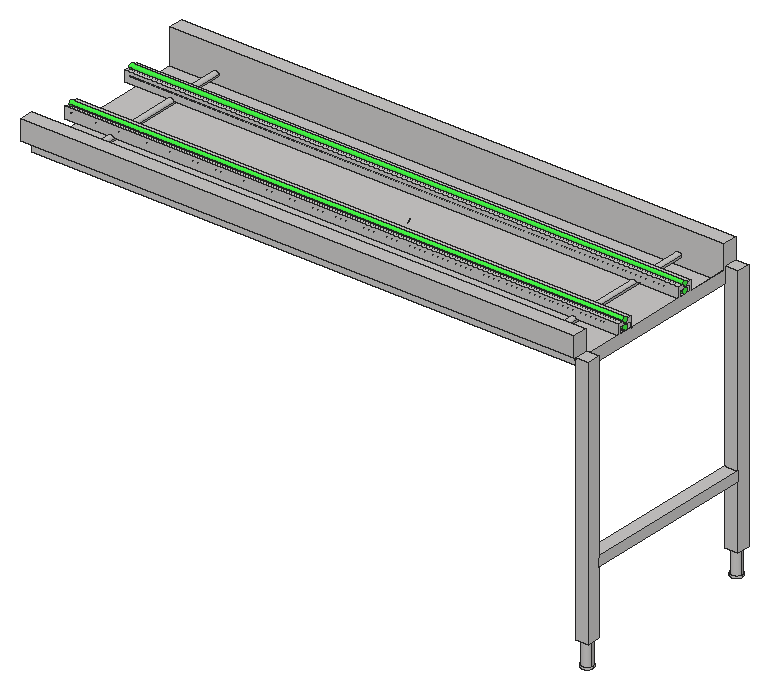
Revit family "QF_ELECTROLUXPROFESSIONAL_863155_HSBCC17", category Specialty Equipment, Revit 2018
Family settings
  Round Connector Dimension = Use Diameter
  Part Type = Normal
  Work Plane-Based = No
  Always vertical = Yes
  Cut with Voids When Loaded = No
  Shared = No
  Room Calculation Point = No
Parameters
  Weight = 0.00 kg
  Watts = 0 W
  Volts = 0 V
  URL Manufacturer = "http://professional.electrolux.com"
  URL = "http://professional.electrolux.com"
  Steam Supply Size = 0 mm
  Steam Supply Minimum Pressure = 0.0 Pa
  Steam Supply Maximum Pressure = 0.0 Pa
  Steam Pounds per Hour = 0
  Refrigeration Suction Line Size = 0 mm
  Refrigeration Liquid Line Size = 0 mm
  Refrigerant Compressor Remote = yes
  Manufacturer = "Electrolux"
  Phase = 0
  Model = "HSBCC17"
  Length Actual = 1700 mm  # constant formula
  Item Number = "863155"
  Hot Water Size = 0 mm
  Height Actual = 910 mm  # constant formula
  HP = "0 HP"
  Gas Size = 0 mm
  Gas KW = 0
  Gas Input Pressure = 0 W
  Description = "CORD CONVEYOR FOR BASKETS, L=1700 MM"
  Depth Actual = 620 mm  # constant formula
  Cycle = 0 Hz
  Condensate Return Size = 0 mm
  Compressed Air Volume = 0.0 L/s
  Compressed Air Size = 0 mm
  Compressed Air Pressure = 0.0 Pa
  Cold Water Size = 0 mm
  Accessory = yes
Reference planes
  plane 1 "Centro (Fronte/Retro)": y = 74.737
  plane 2: z = 0
  plane 3 "LEFT": x = -2138.761
  plane 4 "BACK": y = 384.737
  plane 5 "FRONT": y = -235.263
  plane 6: z = 910
  plane 7 "RIGHT": x = -438.761
  plane 8: x = -1288.761
Forms (mm)
  Extrusion 1, solid, material "QF_Finishes_Stainless Steel"
    sketch origin (11.239, 0, 0) x (0, 1, 0) y (0, 0, 1)
      loop
        line (-235.263, 910) -> (-235.263, 850.033) -> (-190.242, 850.033) -> (-190.242, 910) -> (-235.263, 910)
      loop
        line (384.737, 910) -> (339.716, 910) -> (339.716, 850.033) -> (384.737, 850.033) -> (384.737, 910)
    from -2150 to -451.2
  Extrusion 2, solid, material "QF_Finishes_Stainless Steel"
    sketch origin (11.239, 0, 0) x (0, 1, 0) y (0, 0, 1)
      loop
        line (-191.727, 850.033) -> (-191.727, 800.081) -> (341.245, 800.081) -> (341.245, 850.033) -> (339.716, 850.033) -> (339.716, 803.081) -> (-190.242, 803.081) -> (-190.242, 850.033) -> (-191.727, 850.033)
    from -2150 to -451.2
  Extrusion 3, solid, material "QF_Finishes_Stainless Steel"
    sketch origin (1061.239, 723.253, 4000) x (0, 1, 0) y (0, 0, 1)
      loop
        line (-958.516, -3090) -> (-958.516, -3149.967) -> (-934.752, -3185.632) -> (-915.4, -3185.632) -> (-915.4, -3199.919) -> (-381.633, -3199.919) -> (-381.633, -3185.632) -> (-362.281, -3185.632) -> (-338.516, -3149.967) -> (-338.516, -3090) -> (-383.538, -3090) -> (-383.538, -3161.926) -> (-913.495, -3161.926) -> (-913.495, -3090) -> (-958.516, -3090)
    from -1500 to -1501.2
  Extrusion 4, solid, material "QF_Finishes_Stainless Steel"
    sketch origin (-1477.522, 74.737, 0) x (-1, 0, 0) y (0, 0, -1)
      loop
        line (-1079.929, -300) -> (-1039.929, -300) -> (-1039.929, -270) -> (-1079.929, -270) -> (-1079.929, -300)
    from -266.504 to 266.46
  Revolve 5, solid, material "QF_Finishes_Stainless Steel"
    sketch origin (0, 74.737, 0) x (1, 0, 0) y (0, 0, 1)
      loop
        line (-1365.255, 800.081) -> (-1365.255, 786.333)
        arc (-1365.255, 786.333) -> (-1364.651, 784.73) -> (-1363.151, 783.903) r 2.474
        arc (-1363.151, 783.903) -> (-1359.843, 780.044) -> (-1363.138, 776.173) r 3.913
        arc (-1363.138, 776.173) -> (-1364.648, 775.341) -> (-1365.255, 773.728) r 2.49
        line (-1365.255, 773.728) -> (-1365.255, 733.404)
        arc (-1365.255, 733.404) -> (-1354.605, 702.706) -> (-1327.218, 685.219) r 49.516
        line (-1327.218, 685.219) -> (-1327.218, 682.73) -> (-1326.011, 681.079) -> (-1326.011, 679.492) -> (-1312.231, 673.492) -> (-1312.231, 638.761) -> (-1310.707, 637.3) -> (-1288.761, 637.3) -> (-1288.761, 800.081) -> (-1365.255, 800.081)
      axis (-1288.761, 800.081) -> (-1288.761, 637.3)
    angle from 0 to 360
  Extrusion 6, solid, material "QF_Finishes_Stainless Steel"
    sketch origin (0, 74.737, 0) x (1, 0, 0) y (0, 0, 1)
      loop
        circle (-1998.761, 831.05) r 8.5
    from -265 to 264.979
  Extrusion 7, solid, material "QF_Finishes_Stainless Steel"
    sketch origin (2140, 74.737, 0) x (1, 0, 0) y (0, 0, 1)
      loop
        circle (-2718.761, 831.05) r 8.5
    from -265 to 265
  Extrusion 8, solid, material "QF_Finishes_Stainless Steel"
    sketch origin (-438.761, 0, 0) x (0, 1, 0) y (0, 0, 1)
      loop
        line (-62.763, 869.045) -> (-62.763, 835.05) -> (-60.363, 835.05) -> (-60.363, 857.845) -> (-19.763, 857.845) -> (-19.763, 835.05) -> (-17.763, 835.05) -> (-17.763, 869.045) -> (-30.056, 869.045) -> (-35.275, 860.005) -> (-45.251, 860.005) -> (-50.47, 869.045) -> (-62.763, 869.045)
      loop
        line (212.237, 869.045) -> (199.944, 869.045) -> (194.725, 860.005) -> (184.749, 860.005) -> (179.53, 869.045) -> (167.237, 869.045) -> (167.237, 835.05) -> (169.237, 835.05) -> (169.237, 857.845) -> (209.837, 857.845) -> (209.837, 835.05) -> (212.237, 835.05) -> (212.237, 869.045)
    from 0 to -1700
  Extrusion 9, solid, material "QF_Finishes_Green"
    sketch origin (-438.761, 0, 0) x (0, 1, 0) y (0, 0, 1)
      loop
        circle (-40.263, 868.505) r 7.5
      loop
        circle (-40.263, 848.505) r 7.5
      loop
        circle (189.737, 868.505) r 7.5
      loop
        circle (189.737, 848.505) r 7.5
    from 0 to -1700
Cuts and joins
  joined: Extrusion 1, Extrusion 2, Extrusion 3, Extrusion 6, Extrusion 7, Extrusion 8
Lines and regions (mm)
  Split face 1
    outline origin (-823.782, -239.063, 803.081) x (0, 1, 0) y (-1, 0, 0)
      loop
        circle (313.8, 464.979) r 3
  Split face 2
    outline origin (-823.782, -239.063, 803.081) x (0, 1, 0) y (-1, 0, 0)
      loop
        circle (313.8, 464.979) r 9
  Split face 3
    outline origin (-823.782, -239.063, 803.081) x (0, 1, 0) y (-1, 0, 0)
      loop
        circle (313.8, 464.979) r 26
  Split face 4
    outline origin (-823.782, -239.063, 803.081) x (0, 1, 0) y (-1, 0, 0)
      loop
        circle (313.8, 464.979) r 36
  Split face 5
    outline origin (-823.782, -239.063, 803.081) x (0, 1, 0) y (-1, 0, 0)
      loop
        circle (313.8, 464.979) r 53
  symbolic lines
    curve 1: line (-438.761, 384.737, 0) -> (-2138.761, 384.737, 0)
    curve 2: line (-2138.761, 384.737, 0) -> (-2138.761, -235.263, 0)
    curve 3: line (-2138.761, 339.716, 0) -> (-438.761, 339.716, 0)
    curve 4: line (-2138.761, -235.263, 0) -> (-438.761, -235.263, 0)
    curve 5: line (-438.761, -235.263, 0) -> (-438.761, 384.737, 0)
    curve 6: line (-438.761, -190.242, 0) -> (-2138.761, -190.242, 0)
    curve 7: line (-2138.761, 74.737, 0) -> (-2108.761, 74.737, 0)
    curve 8: line (-438.761, 74.737, 0) -> (-468.761, 74.737, 0)
    curve 9: circle (-1288.761, 74.737, 0) r 23.47 normal (0, 0, 1)
    curve 10: line (-438.761, 212.237, 0) -> (-2138.761, 212.237, 0)
    curve 11: line (-2138.761, 167.237, 0) -> (-438.761, 167.237, 0)
    curve 12: line (-438.761, -17.763, 0) -> (-2138.761, -17.763, 0)
    curve 13: line (-2138.761, -62.763, 0) -> (-438.761, -62.763, 0)
    curve 14: line (-2138.761, -47.763, 0) -> (-438.761, -47.763, 0)
    curve 15: line (-2138.761, -32.763, 0) -> (-438.761, -32.763, 0)
    curve 16: line (-2138.761, 197.237, 0) -> (-438.761, 197.237, 0)
    curve 17: line (-2138.761, 182.237, 0) -> (-438.761, 182.237, 0)
    curve 18: line (-2007.261, 339.716, 0) -> (-2007.261, 212.237, 0)
    curve 19: line (-1990.261, 339.716, 0) -> (-1990.261, 212.237, 0)
    curve 20: line (-1990.261, 167.237, 0) -> (-1990.261, -17.763, 0)
    curve 21: line (-2007.261, 167.237, 0) -> (-2007.261, -17.763, 0)
    curve 22: line (-2007.261, -62.763, 0) -> (-2007.261, -190.242, 0)
    curve 23: line (-1990.261, -62.763, 0) -> (-1990.261, -190.242, 0)
    curve 24: line (-587.261, 339.716, 0) -> (-587.261, 212.237, 0)
    curve 25: line (-570.261, 339.716, 0) -> (-570.261, 212.237, 0)
    curve 26: line (-570.261, 167.237, 0) -> (-570.261, -17.763, 0)
    curve 27: line (-587.261, 167.237, 0) -> (-587.261, -17.763, 0)
    curve 28: line (-587.261, -62.763, 0) -> (-587.261, -190.242, 0)
    curve 29: line (-570.261, -62.763, 0) -> (-570.261, -190.242, 0)
Dimensions and locks
  plane 3 "LEFT" to plane 7 "RIGHT" = 1700 mm
  equal spacing: plane 4 "BACK", plane 1 "Centro (Fronte/Retro)", plane 5 "FRONT"
  plane 4 "BACK" to plane 5 "FRONT" = 620 mm
  equal spacing: plane 3 "LEFT", plane 8, plane 7 "RIGHT"
  locked: Extrusion 6 sketch curve to plane 3 "LEFT" at 140
  locked: plane 7 "RIGHT" to Extrusion 7 sketch curve at 140
  aligned and locked: level to plane 2
  aligned and locked: curve 9 to Revolve 5
  aligned and locked: plane 8 to Split face 5  (x2)
  aligned and locked: plane 8 to Split face 4  (x2)
  aligned and locked: plane 8 to cut or joined group of Extrusion 1, Extrusion 2, Extrusion 3, Extrusion 6, Extrusion 7, Extrusion 8  (x4)
  aligned and locked: plane 8 to Split face 3  (x2)
  aligned and locked: plane 8 to Split face 2  (x2)
  aligned and locked: plane 8 to Split face 1  (x2)
  aligned and locked: Extrusion 2 to plane 3 "LEFT"
  aligned and locked: Extrusion 1 to plane 3 "LEFT"
  aligned and locked: Extrusion 8 to plane 3 "LEFT"
  aligned and locked: cut or joined group of Extrusion 1, Extrusion 2, Extrusion 3, Extrusion 6, Extrusion 7, Extrusion 8 to plane 3 "LEFT"  (x2)
  aligned and locked: plane 3 "LEFT" to curve 6
  aligned and locked: plane 3 "LEFT" to curve 4
  aligned and locked: Extrusion 9 to plane 3 "LEFT"
Automatic sketch dimensions
  Extrusion 1 sketch curve to plane 5 "FRONT" = 0 mm
  Extrusion 1 sketch curve to plane 6 = 0 mm  (x2)
  Extrusion 1 sketch curve to plane 4 "BACK" = 0 mm
  plane 5 "FRONT" to Extrusion 1 sketch curve = 45.021 mm
  Extrusion 1 sketch curve to plane 4 "BACK" = 45.021 mm
  Extrusion 1 sketch curve to Extrusion 1 sketch curve = 59.967 mm  (x2)
  plane 5 "FRONT" to Extrusion 2 sketch curve = 43.536 mm
  Extrusion 2 sketch curve to Extrusion 2 sketch curve = 1.486 mm
  Extrusion 2 sketch curve to plane 4 "BACK" = 45.021 mm
  Extrusion 2 sketch curve to Extrusion 2 sketch curve = 1.529 mm
  Extrusion 2 sketch curve to plane 6 = 109.919 mm
  Extrusion 2 sketch curve to Extrusion 2 sketch curve = 3 mm
  Extrusion 2 sketch curve to Extrusion 2 sketch curve = 46.952 mm  (x2)
  Extrusion 3 sketch curve to plane 5 "FRONT" = 0 mm
  Extrusion 3 sketch curve to plane 6 = 0 mm  (x2)
  Extrusion 3 sketch curve to plane 4 "BACK" = 0 mm
  plane 5 "FRONT" to Extrusion 3 sketch curve = 23.764 mm
  Extrusion 3 sketch curve to Extrusion 3 sketch curve = 19.352 mm  (x2)
  plane 5 "FRONT" to Extrusion 3 sketch curve = 45.021 mm
  Extrusion 3 sketch curve to plane 4 "BACK" = 45.021 mm
  Extrusion 3 sketch curve to Extrusion 3 sketch curve = 1.905 mm
  Extrusion 3 sketch curve to Extrusion 3 sketch curve = 59.967 mm  (x2)
  Extrusion 3 sketch curve to Extrusion 3 sketch curve = 11.959 mm
  Extrusion 3 sketch curve to Extrusion 3 sketch curve = 23.706 mm  (x2)
  Extrusion 3 sketch curve to Extrusion 3 sketch curve = 14.287 mm
  Extrusion 4 sketch curve to plane 7 "RIGHT" = 41.168 mm
  Extrusion 4 sketch curve to plane 7 "RIGHT" = 1.168 mm
  Extrusion 4 sketch curve to level = 270 mm
  Extrusion 4 sketch curve to Extrusion 4 sketch curve = 30 mm
  Extrusion 6 sketch curve to plane 6 = 78.95 mm
  Extrusion 7 sketch curve to plane 6 = 78.95 mm
  plane 1 "Centro (Fronte/Retro)" to Extrusion 8 sketch curve = 137.5 mm
  Extrusion 8 sketch curve to Extrusion 8 sketch curve = 2.4 mm  (x2)
  Extrusion 8 sketch curve to plane 6 = 40.955 mm  (x3)
  Extrusion 8 sketch curve to Extrusion 8 sketch curve = 12.293 mm  (x2)
  Extrusion 8 sketch curve to Extrusion 8 sketch curve = 5.219 mm  (x4)
  Extrusion 8 sketch curve to Extrusion 8 sketch curve = 9.976 mm  (x2)
  Extrusion 8 sketch curve to Extrusion 8 sketch curve = 10.293 mm
  Extrusion 8 sketch curve to Extrusion 8 sketch curve = 2 mm  (x2)
  Extrusion 8 sketch curve to plane 1 "Centro (Fronte/Retro)" = 92.5 mm
  Extrusion 8 sketch curve to plane 6 = 49.995 mm
  Extrusion 8 sketch curve to Extrusion 8 sketch curve = 9.893 mm
  Extrusion 8 sketch curve to Extrusion 8 sketch curve = 11.2 mm
  Extrusion 8 sketch curve to Extrusion 8 sketch curve = 2.16 mm
  Extrusion 8 sketch curve to Extrusion 8 sketch curve = 22.795 mm  (x4)
  Extrusion 8 sketch curve to Extrusion 8 sketch curve = 9.04 mm  (x2)
  plane 1 "Centro (Fronte/Retro)" to Extrusion 9 sketch curve = 115 mm
  Extrusion 9 sketch curve to Extrusion 9 sketch curve = 0 mm  (x2)
  Extrusion 9 sketch curve to plane 1 "Centro (Fronte/Retro)" = 115 mm
  Extrusion 9 sketch curve to plane 6 = 61.495 mm  (x2)
  Extrusion 9 sketch curve to Extrusion 9 sketch curve = 20 mm  (x2)
  plane 1 "Centro (Fronte/Retro)" to curve 7 = 0 mm
  plane 1 "Centro (Fronte/Retro)" to curve 8 = 0 mm
  curve 15 to plane 7 "RIGHT" = 0 mm
  curve 4 to plane 5 "FRONT" = 0 mm
  curve 2 to plane 4 "BACK" = 0 mm
  plane 3 "LEFT" to curve 7 = 30 mm
  curve 18 to plane 4 "BACK" = 45.021 mm
  plane 3 "LEFT" to curve 18 = 131.5 mm
  plane 5 "FRONT" to curve 22 = 45.021 mm
  plane 3 "LEFT" to curve 22 = 131.5 mm
  curve 21 to curve 18 = 0 mm
  curve 18 to curve 19 = 17 mm
  curve 21 to curve 20 = 17 mm
  curve 22 to curve 23 = 17 mm
  curve 28 to plane 7 "RIGHT" = 148.5 mm
  curve 24 to plane 7 "RIGHT" = 148.5 mm
  curve 27 to curve 28 = 0 mm
  curve 27 to curve 26 = 17 mm
  curve 24 to curve 25 = 17 mm
  curve 28 to curve 29 = 17 mm
  curve 8 to plane 7 "RIGHT" = 30 mm
  curve 13 to curve 14 = 15 mm
  curve 14 to curve 15 = 15 mm
  curve 15 to curve 12 = 15 mm
  curve 11 to curve 17 = 15 mm
  curve 16 to curve 10 = 15 mm
  Revolve 5 sketch curve to plane 8 = 0 mm  (x2)
  Revolve 5 sketch curve to Revolve 5 sketch curve = 21.946 mm
  Revolve 5 sketch curve to Revolve 5 sketch curve = 1.524 mm
  Revolve 5 sketch curve to plane 8 = 26.978 mm
  Revolve 5 sketch curve to Revolve 5 sketch curve = 13.78 mm
  Revolve 5 sketch curve to Revolve 5 sketch curve = 1.206 mm
  Revolve 5 sketch curve to Revolve 5 sketch curve = 47.026 mm
  Revolve 5 sketch curve to Revolve 5 sketch curve = 0.016 mm  (x3)
  Revolve 5 sketch curve to Revolve 5 sketch curve = 0.976 mm
  Revolve 5 sketch curve to Revolve 5 sketch curve = 2.474 mm
  Revolve 5 sketch curve to Revolve 5 sketch curve = 2.49 mm
  Revolve 5 sketch curve to Revolve 5 sketch curve = 0 mm
  Revolve 5 sketch curve to plane 6 = 272.7 mm
  Revolve 5 sketch curve to Revolve 5 sketch curve = 1.461 mm
  Revolve 5 sketch curve to Revolve 5 sketch curve = 34.731 mm
  Revolve 5 sketch curve to Revolve 5 sketch curve = 6 mm
  Revolve 5 sketch curve to Revolve 5 sketch curve = 1.588 mm
  Revolve 5 sketch curve to Revolve 5 sketch curve = 1.651 mm
  Revolve 5 sketch curve to Revolve 5 sketch curve = 2.488 mm
  Revolve 5 sketch curve to Revolve 5 sketch curve = 48.167 mm
  Revolve 5 sketch curve to Revolve 5 sketch curve = 40.307 mm
  Revolve 5 sketch curve to Revolve 5 sketch curve = 6.326 mm
  Revolve 5 sketch curve to Revolve 5 sketch curve = 6.296 mm
  Revolve 5 sketch curve to Revolve 5 sketch curve = 13.748 mm
  Revolve 5 sketch curve to Revolve 5 sketch curve = 0.373 mm
  Revolve 5 sketch curve to Revolve 5 sketch curve = 38.557 mm
  plane 6 to Revolve 5 sketch curve = 8.743 mm
  cut or joined group of Extrusion 1, Extrusion 2, Extrusion 3, Extrusion 6, Extrusion 7, Extrusion 8 to Split face 1 sketch curve = 264.979 mm
  cut or joined group of Extrusion 1, Extrusion 2, Extrusion 3, Extrusion 6, Extrusion 7, Extrusion 8 to Split face 1 sketch curve = 848.8 mm
  cut or joined group of Extrusion 1, Extrusion 2, Extrusion 3, Extrusion 6, Extrusion 7, Extrusion 8 to Split face 2 sketch curve = 264.979 mm
  cut or joined group of Extrusion 1, Extrusion 2, Extrusion 3, Extrusion 6, Extrusion 7, Extrusion 8 to Split face 2 sketch curve = 848.8 mm
  cut or joined group of Extrusion 1, Extrusion 2, Extrusion 3, Extrusion 6, Extrusion 7, Extrusion 8 to Split face 3 sketch curve = 264.979 mm
  cut or joined group of Extrusion 1, Extrusion 2, Extrusion 3, Extrusion 6, Extrusion 7, Extrusion 8 to Split face 3 sketch curve = 848.8 mm
  cut or joined group of Extrusion 1, Extrusion 2, Extrusion 3, Extrusion 6, Extrusion 7, Extrusion 8 to Split face 4 sketch curve = 264.979 mm
  cut or joined group of Extrusion 1, Extrusion 2, Extrusion 3, Extrusion 6, Extrusion 7, Extrusion 8 to Split face 4 sketch curve = 848.8 mm
  cut or joined group of Extrusion 1, Extrusion 2, Extrusion 3, Extrusion 6, Extrusion 7, Extrusion 8 to Split face 5 sketch curve = 264.979 mm
  cut or joined group of Extrusion 1, Extrusion 2, Extrusion 3, Extrusion 6, Extrusion 7, Extrusion 8 to Split face 5 sketch curve = 848.8 mm
  curve 6 to curve 13 = 127.479 mm
  curve 20 to curve 19 = 45 mm
  curve 26 to plane 1 "Centro (Fronte/Retro)" = 92.5 mm
  radius of Extrusion 6 sketch curve = 8.5 mm
  radius of Extrusion 7 sketch curve = 8.5 mm
  radius of Extrusion 9 sketch curve = 7.5 mm  (x4)
  radius of Split face 1 sketch curve = 3 mm
  radius of Split face 2 sketch curve = 9 mm
  radius of Split face 3 sketch curve = 26 mm
  radius of Split face 4 sketch curve = 36 mm
  radius of Split face 5 sketch curve = 53 mm
Nested families
  nested 1: "Foot_40x40" at (-417.593, 361.245, 0) x (-1, 0, 0) z (0, 0, 1), type "Foot_40x40"
    with A 850.033 mm
  nested 2: "Foot_40x40" at (-417.593, -211.771, 0) x (-1, 0, 0) z (0, 0, 1), type "Foot_40x40"
    with A 850.033 mm
Connectors
  piping at (-1288.761, 74.737, 637.3), diameter 40
    settings: on Revolve 5, index 1, connector inside diameter 609.6 mm, connector length 0 mm, flow factor 0, pipe flow 0.0 L/s, pressure drop 0.0 Pa, fitting loss kfactor 0, connector angle 0.00°, fixture units 0, engagement length 0 mm, angle of deflection 0.00°, flow configuration 1, flow direction 2, fitting loss method 0, system type 16, joint type 0, gender type 0, connector reference index -1, connector utility 0, adjustable connector no, is connector primary yes, connector description "Drain"
Definition of nested family "Foot_40x40"
  Parameters
    A [instance] = 850 mm
  Reference planes
    plane 1 "Centro (Fronte/Retro)": y = 0
    plane 2: z = 0
    plane 3 "Centro (Sinistra/Destra)": x = 0
    plane 4: z = 850
  Forms (mm)
    Extrusion 1, solid
      sketch origin (0, 0, 0) x (1, 0, 0) y (0, 1, 0)
        loop
          circle (0, 0) r 18
      from 0 to 5
    Extrusion 2, solid
      sketch origin (0, 0, 5) x (1, 0, 0) y (0, 1, 0)
        loop
          circle (0, 0) r 15
      from 0 to 70
    Extrusion 3, solid
      sketch origin (0, 0, 75) x (1, 0, 0) y (0, 1, 0)
        loop
          line (-20, 20) -> (-20, -20) -> (20, -20) -> (20, 20) -> (-20, 20)
      from 0 to 775
  Dimensions and locks
    "A": plane 4 to plane 2
    aligned and locked: level to plane 2
    aligned and locked: plane 4 to Extrusion 3
    aligned and locked: Extrusion 1 to level
  Automatic sketch dimensions
    plane 1 "Centro (Fronte/Retro)" to Extrusion 1 sketch curve = 0 mm
    Extrusion 1 sketch curve to plane 3 "Centro (Sinistra/Destra)" = 0 mm
    Extrusion 3 sketch curve to Extrusion 3 sketch curve = 40 mm  (x2)
    radius of Extrusion 1 sketch curve = 18 mm
    radius of Extrusion 2 sketch curve to Extrusion 1 = 3 mm
